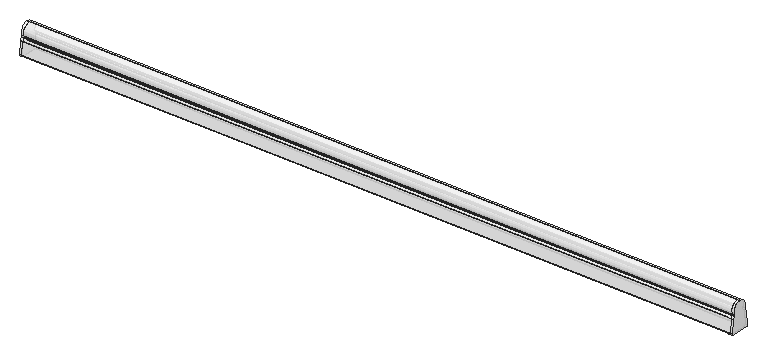
Revit family "0051033 Sylvania Lighting Fixture LED PIPE G2 L900 NW", category Lighting Fixtures, host Face, Revit 2016
Family settings
  Host = Face
  Part Type = Normal
  Round Connector Dimension = Use Diameter
  OmniClass Number = 23.80.70.00
  OmniClass Title = Lighting
  Cut with Voids When Loaded = No
  Light Source = Yes
  Shared = No
  Room Calculation Point = No
Parameters (values of type "0051033 LED PIPE G2 L900 NW")
  Width_SYL = 24 mm
  Weight = "5.68 kg"
  Wattage Comments = ""
  Wattage = 10 W
  WarrantyStartDate [instance] = "n/a"
  WarrantyGuarantorParts = "n/a"
  WarrantyDurationUnit = "n/a"
  WarrantyDurationParts = "n/a"
  WarrantyDescription = "n/a"
  built-in parameter 1150110 = 1 (stored number, unit not read)
  Voltage = 230 V
  URL = "http://www.sylvania-lighting.com"
  TypeName = "LED PIPE G2 L900 NW"
  Type Image = <None>
  Type Comments = "n/a"
  built-in parameter 1114217 = 1 (stored number, unit not read)
  Tilt Angle = -90.00°
  built-in parameter 1150109 = 1 (stored number, unit not read)
  built-in parameter 1150134 = 12
  built-in parameter 1150113 = 1 (stored number, unit not read)
  SerialNumber [instance] = "n/a"
  RadiusTop_SYL = 9.1 mm
  RadiusSmall_SYL = 1.002 mm
  RadiusShoulder_SYL = 4.5 mm
  RadiusBottom_SYL = 1.5 mm
  Photometric Web File = "0051033.ies"
  Material_3_FEILO = none
  PowerFactor = 0.9
  PowerConsumption = "10 W"
  NominalLength = 900 mm
  NominalHeight = 35 mm
  NominalDepth = 24 mm
  Name = "LED PIPE G2 L900 NW"
  ModelReference = Name  # "LED PIPE G2 L900 NW"
  ModelNumber = "0051033"
  Model = Name  # "LED PIPE G2 L900 NW"
  Material = "pc housing, pc diffuser"
  ManufacturerName = "Feilo Sylvania"
  Manufacturer = "Feilo Sylvania"
  LuminousEfficacy = "100 lm/W"
  built-in parameter 1150105 = 204.19 (stored number, unit not read)
  Lumens = 1000 lm
  LuminaireType = ""
  built-in parameter 1150115 = 1 (stored number, unit not read)
  LightOutputRatio = "n/a"
  built-in parameter 1150137 = (empty or 0)
  built-in parameter 1150139 = (empty or 0)
  Length_SYL = 900 mm
  LampsType = Lamp  # "LED"
  LampNominalLuminous = "1000 lm"
  LampMacAdamStep = "6"
  LampColourTemperature = "4000 K"
  LampColourRenderingIndex = "80"
  built-in parameter 1150112 = 1 (stored number, unit not read)
  built-in parameter 1150114 = 1 (stored number, unit not read)
  Lamp = "LED"
  Keynote = "16500"
  InstallationDate [instance] = "n/a"
  InputVoltage = "220-240V~"
  InputNominalFrequency = "50/60 Hz"
  built-in parameter 1150132 = (empty or 0)
  built-in parameter 1150102 = (empty or 0)
  built-in parameter 1150107 = 4000 (stored number, unit not read)
  built-in parameter 1150138 = (empty or 0)
  IngressProtection = "IP20"
  ImpactProtectionIndex = "IK02"
  built-in parameter 1150106 = 2.0419 (stored number, unit not read)
  IfcExportType = "IfcLightFixtureType"
  IfcExportAs = "IfcLightFixtureType"
  Height_SYL = 35 mm
  ExpectedLife = 50000
  built-in parameter 1150127 = 10 mm
  Emit from Rectangle Length = Length_SYL - 6 mm  # 894 mm
  Emit Shape Visible in Rendering = no
  ElectricShockClassification = "Class II"
  built-in parameter 1150104 = 9.2903 (stored number, unit not read)
  DurationUnit = "hours"
  DocumentationLiterature = "http://www.sylvania-lighting.com/product/en-int/products/0051033"
  DimmingControlOptions = "n/a"
  Material_2_FEILO = LED-Sylvania-ledpipe
  Dimming Lamp Color Temperature Shift = <None>
  Description = "LED T5 replacement batten, seamless linking (up to 10M), Ideal for direct lighting such as under cabinet or in kitchens, 150 degree beam angle, includes switch, includes 0.30m stripped cable, white polycarbonate body, includes standard and tilting brackets"
  Default Elevation = 1219.2 mm
  CreatedOn = "6/11/2018"
  CreatedBy = "aron.fodor@sylvania-lighting.com"
  Cost = 0
  Color Filter = 16777215
  built-in parameter 1114216 [instance] = (empty or 0)
  ClassificationValue = "EF_70_80"
  ClassificationName = "Uniclass2015"
  Material_1_FEILO = Body-Sylvania-ledpipe
  BarCode [instance] = "n/a"
  built-in parameter 1114218 = 1 (stored number, unit not read)
  Emit from Rectangle Width = 3048 mm
  AssetType = "Fixed"
  AssetIdentifier [instance] = "n/a"
  Assembly Code = "D5020200"
  Apparent Load = 10 VA
  Material_4_FEILO = none
Reference planes
  plane 1 "Center (Front/Back)": y = 0
  plane 2: z = 0
  plane 3 "Center (Left/Right)": x = 0
  plane 4: y = 12
  plane 5: y = -12
  plane 6: z = 35
  plane 7: z = 25.8
  plane 8: y = -10
  plane 9: z = 18.8
  plane 10: z = 21
  plane 11: x = 450
  plane 12: x = -450
  plane 13: x = 447
  plane 14: x = -447
Forms (mm)
  Extrusion 1, solid, material "Body-Sylvania-ledpipe" <- "Material_1_FEILO"
    sketch origin (0, 0, 0) x (0, 1, 0) y (0, 0, 1)
      loop
        arc (-11.824, 1.659) -> (-11.447, 0.497) -> (-10.332, 0) r 1.5
        line (-10.332, 0) -> (10.332, 0)
        arc (10.332, 0) -> (11.447, 0.497) -> (11.824, 1.659) r 1.5
        line (11.824, 1.659) -> (10.168, 17.219)
        arc (10.168, 17.219) -> (9.754, 18.682) -> (8.875, 19.925) r 4.5
        line (8.875, 19.925) -> (8.294, 20.506)
        arc (8.294, 20.506) -> (8.012, 21.058) -> (8.109, 21.67) r 1.002
        arc (8.109, 21.67) -> (7.759, 30.556) -> (0, 34.9) r 9.1
        arc (0, 34.9) -> (-7.759, 30.556) -> (-8.109, 21.67) r 9.1
        arc (-8.109, 21.67) -> (-8.012, 21.058) -> (-8.294, 20.506) r 1.002
        line (-8.294, 20.506) -> (-8.875, 19.925)
        arc (-8.875, 19.925) -> (-9.754, 18.682) -> (-10.168, 17.219) r 4.5
        line (-10.168, 17.219) -> (-11.824, 1.659)
    from -447 to 447
  Extrusion 2, solid, material "Body-Sylvania-ledpipe" <- "Material_1_FEILO"
    sketch origin (447, -4572, 2609.058) x (0, 0, 1) y (0, -1, 0)
      loop
        arc (-2587.388, -4580.109) -> (-2578.502, -4579.759) -> (-2574.158, -4572) r 9.1
        arc (-2574.158, -4572) -> (-2578.502, -4564.241) -> (-2587.388, -4563.891) r 9.1
        arc (-2587.388, -4563.891) -> (-2588, -4563.988) -> (-2588.552, -4563.706) r 1.002
        line (-2588.552, -4563.706) -> (-2589.134, -4563.125)
        arc (-2589.134, -4563.125) -> (-2590.376, -4562.246) -> (-2591.84, -4561.832) r 4.5
        line (-2591.84, -4561.832) -> (-2607.399, -4560.176)
        arc (-2607.399, -4560.176) -> (-2608.561, -4560.553) -> (-2609.058, -4561.668) r 1.5
        line (-2609.058, -4561.668) -> (-2609.058, -4582.332)
        arc (-2609.058, -4582.332) -> (-2608.561, -4583.447) -> (-2607.399, -4583.824) r 1.5
        line (-2607.399, -4583.824) -> (-2591.84, -4582.168)
        arc (-2591.84, -4582.168) -> (-2590.376, -4581.754) -> (-2589.134, -4580.875) r 4.5
        line (-2589.134, -4580.875) -> (-2588.552, -4580.294)
        arc (-2588.552, -4580.294) -> (-2588, -4580.012) -> (-2587.388, -4580.109) r 1.002
    from 0 to 3
  Extrusion 3, solid, material "Body-Sylvania-ledpipe" <- "Material_1_FEILO"
    sketch origin (-297, -4572, 2609.058) x (0, 0, 1) y (0, -1, 0)
      loop
        arc (-2587.388, -4580.109) -> (-2578.502, -4579.759) -> (-2574.158, -4572) r 9.1
        arc (-2574.158, -4572) -> (-2578.502, -4564.241) -> (-2587.388, -4563.891) r 9.1
        arc (-2587.388, -4563.891) -> (-2588, -4563.988) -> (-2588.552, -4563.706) r 1.002
        line (-2588.552, -4563.706) -> (-2589.134, -4563.125)
        arc (-2589.134, -4563.125) -> (-2590.376, -4562.246) -> (-2591.84, -4561.832) r 4.5
        line (-2591.84, -4561.832) -> (-2607.399, -4560.176)
        arc (-2607.399, -4560.176) -> (-2608.561, -4560.553) -> (-2609.058, -4561.668) r 1.5
        line (-2609.058, -4561.668) -> (-2609.058, -4582.332)
        arc (-2609.058, -4582.332) -> (-2608.561, -4583.447) -> (-2607.399, -4583.824) r 1.5
        line (-2607.399, -4583.824) -> (-2591.84, -4582.168)
        arc (-2591.84, -4582.168) -> (-2590.376, -4581.754) -> (-2589.134, -4580.875) r 4.5
        line (-2589.134, -4580.875) -> (-2588.552, -4580.294)
        arc (-2588.552, -4580.294) -> (-2588, -4580.012) -> (-2587.388, -4580.109) r 1.002
    from -150 to -153
Lines and regions (mm)
  reference lines
    curve 1: circle (0, 0, 25.8) r 9.1 normal (1, 0, 0)
    curve 2: line (0, -12, 0) -> (0, -10, 18.8)
Dimensions and locks
  equal spacing: plane 5, plane 1 "Center (Front/Back)", plane 4
  "Width_SYL": plane 5 to plane 4
  "Height_SYL": plane 6 to plane 2
  locked: plane 6 to plane 7 at 9.2
  locked: plane 5 to plane 8 at 2
  locked: plane 7 to plane 9 at 7
  locked: plane 10 to plane 9 at 2.2
  equal spacing: plane 11, plane 3 "Center (Left/Right)", plane 12
  "Length_SYL": plane 11 to plane 12
  equal spacing: plane 13, plane 3 "Center (Left/Right)", plane 14
  locked: plane 14 to plane 12 at 3
  "RadiusTop_SYL": radius of curve 1
  "RadiusSmall_SYL": radius of Extrusion 1 sketch curve
  "RadiusShoulder_SYL": radius of Extrusion 1 sketch curve
  "RadiusTop_SYL": radius of Extrusion 1 sketch curve
  "RadiusBottom_SYL": radius of Extrusion 1 sketch curve  (x2)
  aligned and locked: plane 2 to host face
  aligned and locked: level to host face
  aligned and locked: plane 7 to curve 1
  aligned and locked: plane 1 "Center (Front/Back)" to curve 1
  aligned and locked: plane 8 to curve 2
  aligned and locked: curve 2 to Extrusion 1 sketch curve  (x2)
  aligned and locked: plane 7 to Extrusion 1 sketch curve
  aligned and locked: plane 1 "Center (Front/Back)" to Extrusion 1 sketch curve
  aligned and locked: Extrusion 1 sketch curve to level
  aligned and locked: plane 13 to Extrusion 1
  aligned and locked: Extrusion 1 to plane 14
  aligned and locked: Extrusion 2 sketch curve to Extrusion 1  (x8)
  aligned and locked: plane 11 to Extrusion 2
  aligned and locked: Extrusion 2 to Extrusion 1
  aligned and locked: Extrusion 3 sketch curve to Extrusion 2  (x8)
  aligned and locked: Extrusion 3 to Extrusion 1
  aligned and locked: Extrusion 3 to plane 12
  aligned and locked: imposter light to plane 1 "Center (Front/Back)"
  aligned and locked: plane 6 to imposter light
  aligned and locked: plane 3 "Center (Left/Right)" to imposter light
Automatic sketch dimensions
  host sketch curve to host sketch curve = 2438.4 mm  (x2)
  curve 2 to level = 0 mm
  curve 2 to plane 5 = 0 mm
  curve 2 to plane 9 = 0 mm
  Extrusion 1 sketch curve to Extrusion 1 sketch curve = 0 mm
  Extrusion 1 sketch curve to plane 5 = 0.176 mm
  plane 8 to Extrusion 1 sketch curve = 0.168 mm
  plane 10 to Extrusion 1 sketch curve = 0.215 mm  (x2)
  Extrusion 1 sketch curve to plane 8 = 0.998 mm
  Extrusion 1 sketch curve to plane 10 = 1.075 mm  (x2)
  Extrusion 1 sketch curve to plane 10 = 0.494 mm  (x2)
  Extrusion 1 sketch curve to plane 9 = 2.057 mm
  Extrusion 1 sketch curve to plane 1 "Center (Front/Back)" = 5.693 mm
  plane 4 to Extrusion 1 sketch curve = 3.706 mm
  Extrusion 1 sketch curve to Extrusion 1 sketch curve = 0.582 mm
  Extrusion 1 sketch curve to Extrusion 1 sketch curve = 0.709 mm
  Extrusion 1 sketch curve to plane 9 = 1.581 mm
  plane 4 to Extrusion 1 sketch curve = 1.668 mm
  plane 4 to Extrusion 1 sketch curve = 0.176 mm
  Extrusion 2 sketch curve to Extrusion 2 sketch curve = 0.159 mm
  Extrusion 2 sketch curve to plane 5 = 0.176 mm
  plane 8 to Extrusion 2 sketch curve = 0.168 mm
  Extrusion 2 sketch curve to plane 9 = 1.581 mm
  Extrusion 2 sketch curve to plane 10 = 0.494 mm  (x2)
  Extrusion 2 sketch curve to Extrusion 2 sketch curve = 0.127 mm
  Extrusion 2 sketch curve to Extrusion 2 sketch curve = 0.582 mm
  Extrusion 3 sketch curve to Extrusion 3 sketch curve = 0.159 mm
  Extrusion 3 sketch curve to plane 5 = 0.176 mm
  plane 8 to Extrusion 3 sketch curve = 0.168 mm
  Extrusion 3 sketch curve to plane 9 = 1.581 mm
  Extrusion 3 sketch curve to plane 10 = 0.494 mm  (x2)
  Extrusion 3 sketch curve to Extrusion 3 sketch curve = 0.127 mm
  Extrusion 3 sketch curve to Extrusion 3 sketch curve = 0.582 mm
Connectors
  electrical at (0, 0, 0), driven by "Apparent Load", driven by "PowerFactor", driven by "Voltage"
    settings: index 1, voltage 230 V, apparent load 10 VA, apparent load phase1 0 VA, apparent load phase2 0 VA, apparent load phase3 0 VA, power factor 0.9, load classification "Lighting", number of poles 1, system type 30, power factor state 1, is connector primary yes, connector utility no, sub classification motor no, connector description ""
